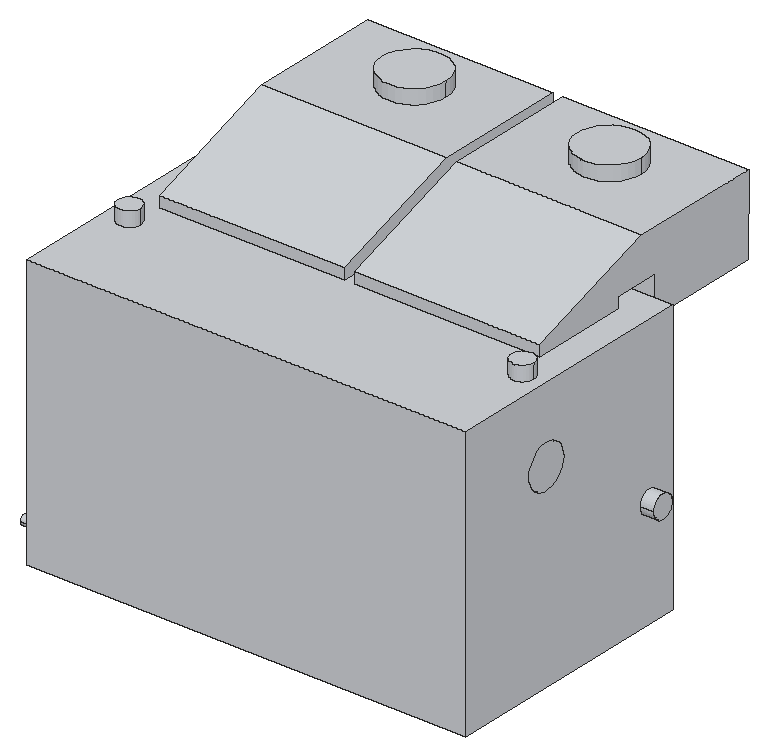
Revit family "M_Caldeira a gás - Ferro fundido - 183-238 kW", category Equipamento mecânico, Revit 2019
Family settings
  Cota do conector redondo = Usar raio
  Tipo de parte = Normal
  Número OmniClass = 23.75.10.11.14.11
  Título OmniClass = Cast-Iron Boilers
  ID de item do Seek = Gas Fired Boiler - Cast Iron - 183-238 kW-0000-CAN-ENU
  Com base no plano de trabalho = Não
  Sempre na vertical = Sim
  Corte com vazios quando carregada = Não
  Compartilhado = Não
  Ponto de cálculo do ambiente = Não
Parameters (values of type "183 kW")
  Fluxo da água [instance] = 0.5 L/s
  Raio da ventilação 2 = 112.5 mm
  Raio da ventilação 1 = 112.5 mm
  Comprimento da ventilação 2 = 430 mm
  Comprimento da ventilação 1 = 690 mm
  Diâmetro da ventilação 1 = Raio da ventilação 1 * 2  # 225 mm
  Diâmetro da ventilação 2 = Raio da ventilação 2 * 2  # 225 mm
  Aumento de temperatura [instance] = 15.56 °C
  Comprimento de fornecimento 1 = 1390 mm
  Queda de pressão da água [instance] = 259000.0 Pa
  Calor de saída [instance] = 183000 W
  Calor de entrada [instance] = 229000 W
  Raio do gás = 16 mm
  Fluxo de gás [instance] = 0.06 L/s
  Diâmetro do gás = Raio do gás * 2  # 32 mm
  Raio da água quente = 40 mm
  Diâmetro da água quente = Raio da água quente * 2  # 80 mm
  Fluxo do ar de exaustão [instance] = 0.0 L/s
  Raio da água gelada = 40 mm
  Diâmetro da água gelada = Raio da água gelada * 2  # 80 mm
  Comprimento do exaustor 2 = 655 mm
  Comprimento do exaustor 1 = 655 mm
  Material do boiler = none
  Comprimento da caldeira = 1550 mm
  BHP [instance] = 18.41
Types (5, lengths in mm): name | Fluxo da água | Raio da ventilação 2 | Raio da ventilação 1 | Comprimento da ventilação 2 | Comprimento da ventilação 1 | Diâmetro da ventilação 1 | Diâmetro da ventilação 2 | Comprimento de fornecimento 1 | Queda de pressão da água | Calor de saída | Calor de entrada | Comprimento do exaustor 2 | Comprimento do exaustor 1 | Comprimento da caldeira | BHP
  (no name) | 0.5 L/s | 112.5 | 112.5 | 430 | 690 | 225 | 225 | 1390 | 259000.0 Pa | 183000 W | 229000 W | 655 | 655 | 1550 | 18.41
  183 kW | 0.5 L/s | 112.5 | 112.5 | 430 | 690 | 225 | 225 | 1390 | 259000.0 Pa | 183000 W | 229000 W | 655 | 655 | 1550 | 18.41
  201 kW | 0.53 L/s | 125 | 112.5 | 500 | 760 | 225 | 250 | 1530 | 283000.0 Pa | 201000 W | 251000 W | 790 | 655 | 1690 | 20.25
  219 kW | 0.53 L/s | 125 | 125 | 500 | 830 | 250 | 250 | 1660 | 283000.0 Pa | 219000 W | 274000 W | 790 | 655 | 1830 | 22.09
  238 kW | 0.58 L/s | 150 | 125 | 570 | 900 | 250 | 300 | 1800 | 328000.0 Pa | 238000 W | 297000 W | 930 | 790 | 1970 | 23.93
Reference planes
  plane 1 "Centro (Frente/Trás)": y = 0
  plane 2: z = 0
  plane 3 "Centro (Esquerda/Direita)": x = 0
  plane 4: x = 1550
  plane 5: y = 914.4
  plane 6: z = 965.2
  plane 7: z = 101.6
  plane 8: y = 50.8
  plane 9: x = -50.8
  plane 10: y = 808.037
  plane 11: z = 390.525
  plane 12: x = 82.55
  plane 13: y = 349.25
  plane 14: z = 1016
  plane 15: x = 1472.55
  plane 16: x = 1120
  plane 17: x = 792.5
  plane 18: x = 1447.5
  plane 19: z = 698.5
  plane 20: y = 355.6
  plane 21: y = 1376.362
  plane 22: z = 868.363
  plane 23: z = 1154.113
  plane 24: y = 965.2
  plane 25: y = 798.512
  plane 26: y = 457.2
  plane 27: z = 1003.3
  plane 28: y = 908.05
  plane 29: y = 1173.162
  plane 30: z = 1204.913
  plane 31: x = 1600.8
  plane 32: x = 430
  plane 33: x = 102.5
  plane 34: x = 757.5
Forms (mm)
  Extrusion 1, solid, material <- "Material do boiler"
    sketch origin (0, 0, 0) x (1, 0, 0) y (0, 1, 0)
      loop
        line (0, 914.4) -> (0, 0) -> (1550, 0) -> (1550, 914.4) -> (0, 914.4)
    from 0 to 965.2
  Extrusion 2, solid, material <- "Material do boiler"
    sketch origin (0, 0, 0) x (0, 1, 0) y (0, 0, 1)
      loop
        circle (50.8, 101.6) r 16
    from 0 to -50.8
  Extrusion 3, solid, material <- "Material do boiler"
    sketch origin (0, 0, 0) x (0, 1, 0) y (0, 0, 1)
      loop
        circle (808.037, 390.525) r 40
    from 0 to -50.8
  Extrusion 4, solid, material <- "Material do boiler"
    sketch origin (0, 0, 0) x (1, 0, 0) y (0, 1, 0)
      loop
        circle (82.55, 349.25) r 40
    from 965.2 to 1016
  Extrusion 5, solid, material <- "Material do boiler"
    sketch origin (0, 0, 0) x (1, 0, 0) y (0, 1, 0)
      loop
        circle (1472.55, 349.25) r 40
    from 965.2 to 1016
  Extrusion 6, solid, material <- "Material do boiler"
    sketch origin (0, 0, 0) x (0, 1, 0) y (0, 0, 1)
      loop
        circle (355.6, 698.5) r 76.2
    from 0 to 1120
  Extrusion 7, solid, material <- "Material do boiler", detail levels fine
    sketch origin (0, 0, 0) x (0, 1, 0) y (0, 0, 1)
      loop
        line (457.2, 965.2) -> (798.512, 965.2) -> (798.512, 1003.3) -> (965.2, 1003.3) -> (965.2, 868.363) -> (1376.362, 868.363) -> (1376.362, 1154.113) -> (908.05, 1154.113) -> (457.2, 1003.3) -> (457.2, 965.2)
    from 792.5 to 1447.5
  Extrusion 8, solid, material <- "Material do boiler"
    sketch origin (0, 0, 0) x (1, 0, 0) y (0, 1, 0)
      loop
        circle (1120, 1173.162) r 112.5
    from 1154.113 to 1204.913
  Extrusion 9, solid, material <- "Material do boiler"
    sketch origin (863.6, 0, 0) x (0, 1, 0) y (0, 0, -1)
      loop
        circle (808.037, -390.525) r 40
    from -686.4 to -737.2
  Extrusion 10, solid, material <- "Material do boiler"
    sketch origin (1136.65, 0, 0) x (0, 1, 0) y (0, 0, -1)
      loop
        circle (355.6, -698.5) r 76.2
    from -413.35 to 16.65
  Extrusion 11, solid, material <- "Material do boiler", detail levels coarse+medium
    sketch origin (0, 0, 0) x (1, 0, 0) y (0, 1, 0)
      loop
        line (102.5, 1376.362) -> (102.5, 914.4) -> (1447.5, 914.4) -> (1447.5, 1376.362) -> (102.5, 1376.362)
    from 868.363 to 1154.112
  Extrusion 12, solid, material <- "Material do boiler", detail levels fine
    sketch origin (1512.59, 0, 0) x (0, 1, 0) y (0, 0, -1)
      loop
        line (457.2, -965.2) -> (457.2, -1003.3) -> (908.05, -1154.113) -> (1376.362, -1154.113) -> (1376.362, -868.363) -> (965.2, -868.363) -> (965.2, -1003.3) -> (798.512, -1003.3) -> (798.512, -965.2) -> (457.2, -965.2)
    from 755.09 to 1410.09
  Extrusion 13, solid, material <- "Material do boiler"
    sketch origin (1586.21, 0, 0) x (-1, 0, 0) y (0, -1, 0)
      loop
        circle (1156.21, -1173.162) r 112.5
    from 1154.113 to 1204.913
  Extrusion 14, solid, material <- "Material do boiler", detail levels coarse+medium
    sketch origin (0, 1465.263, 101.6) x (0, 1, 0) y (-1, 0, 0)
      loop
        line (-550.863, -102.5) -> (-1008.063, -102.5) -> (-1008.063, -1447.5) -> (-550.863, -1447.5) -> (-550.863, -102.5)
    from 863.6 to 1052.513
  Extrusion 15, solid, material <- "Material do boiler", detail levels fine
    sketch origin (0, 0, 0) x (0, 1, 0) y (0, 0, 1)
      loop
        circle (808.037, 390.525) r 40
      loop
        circle (50.8, 101.6) r 16
    from 0 to -50.8
  Extrusion 16, solid, material <- "Material do boiler", detail levels fine
    sketch origin (0, 0, 0) x (0, 1, 0) y (0, 0, 1)
      loop
        circle (808.037, 390.525) r 40
    from 1550 to 1600.8
Cuts and joins
  joined: Extrusion 11, Extrusion 14
  joined: Extrusion 1, Extrusion 4, Extrusion 5, Extrusion 8, Extrusion 13
  joined: Extrusion 2, Extrusion 3, Extrusion 9
  joined: Extrusion 7, Extrusion 12
Lines and regions (mm)
  model lines, detail levels coarse+medium
    curve 1: line (0, 50.8, 101.6) -> (-50.8, 50.8, 101.6)
    curve 2: line (0, 808.037, 390.525) -> (-50.8, 808.037, 390.525)
    curve 3: line (1600.8, 808.037, 390.525) -> (1550, 808.037, 390.525)
  model lines, detail levels coarse
    curve 4: line (1120, 1173.162, 1154.112) -> (1120, 1173.162, 1204.912)
    curve 5: line (430, 1173.162, 1154.112) -> (430, 1173.162, 1204.912)
  symbolic lines, detail levels fine
    curve 6: line (0, 846.137, 101.6) -> (-50.8, 846.137, 101.6)
    curve 7: line (-50.8, 846.137, 101.6) -> (-50.8, 769.937, 101.6)
    curve 8: line (-50.8, 769.937, 101.6) -> (0, 769.937, 101.6)
    curve 9: line (1550, 846.137, 101.6) -> (1600.8, 846.137, 101.6)
    curve 10: line (1550, 769.937, 101.6) -> (1600.8, 769.937, 101.6)
    curve 11: line (1600.8, 769.937, 101.6) -> (1600.8, 846.137, 101.6)
    curve 12: line (0, 66.675, 101.6) -> (-50.8, 66.675, 101.6)
    curve 13: line (-50.8, 34.925, 101.6) -> (0, 34.925, 101.6)
    curve 14: line (-50.8, 66.675, 101.6) -> (-50.8, 34.925, 101.6)
Dimensions and locks
  locked: plane 6 to plane 2 at 965.2
  locked: plane 5 to plane 1 "Centro (Frente/Trás)" at 914.4
  "Comprimento da caldeira": plane 4 to plane 3 "Centro (Esquerda/Direita)"
  locked: plane 7 to plane 2 at 101.6
  locked: plane 8 to plane 1 "Centro (Frente/Trás)" at 50.8
  locked: plane 3 "Centro (Esquerda/Direita)" to plane 9 at 50.8
  locked: plane 5 to plane 10 at 106.363
  locked: plane 11 to plane 2 at 390.525
  locked: plane 12 to plane 3 "Centro (Esquerda/Direita)" at 82.55
  locked: plane 13 to plane 1 "Centro (Frente/Trás)" at 349.25
  locked: plane 14 to plane 6 at 50.8
  "Comprimento de fornecimento 1": plane 15 to plane 12
  "Comprimento da ventilação 2": plane 4 to plane 16
  "Comprimento do exaustor 2": plane 18 to plane 17
  equal spacing: plane 18, plane 16, plane 17
  locked: plane 19 to plane 2 at 698.5
  locked: plane 20 to plane 1 "Centro (Frente/Trás)" at 355.6
  locked: plane 21 to plane 1 "Centro (Frente/Trás)" at 1376.363
  locked: plane 22 to plane 2 at 868.362
  locked: plane 23 to plane 22 at 285.75
  locked: plane 21 to plane 24 at 411.162
  locked: plane 24 to plane 25 at 166.688
  locked: plane 25 to plane 26 at 341.312
  locked: plane 27 to plane 6 at 38.1
  locked: plane 28 to plane 26 at 450.85
  locked: plane 29 to plane 1 "Centro (Frente/Trás)" at 1173.162
  locked: plane 30 to plane 23 at 50.8
  locked: plane 31 to plane 4 at 50.8
  "Comprimento da ventilação 1": plane 16 to plane 32
  "Comprimento do exaustor 1": plane 34 to plane 33
  equal spacing: plane 34, plane 32, plane 33
  "Raio do gás": radius of Extrusion 2 sketch curve
  "Raio da água gelada": radius of Extrusion 3 sketch curve
  "Raio da água quente": radius of Extrusion 4 sketch curve
  "Raio da água quente": radius of Extrusion 5 sketch curve
  radius of Extrusion 6 sketch curve = 76.2 mm
  "Raio da ventilação 2": radius of Extrusion 8 sketch curve
  "Raio da água gelada": radius of Extrusion 9 sketch curve
  radius of Extrusion 10 sketch curve = 76.2 mm
  "Raio da ventilação 1": radius of Extrusion 13 sketch curve
  "Raio da água gelada": radius of Extrusion 15 sketch curve
  "Raio do gás": radius of Extrusion 15 sketch curve
  "Raio da água gelada": radius of Extrusion 16 sketch curve
  aligned and locked: Extrusion 1 to plane 5
  aligned and locked: plane 1 "Centro (Frente/Trás)" to Extrusion 1
  aligned and locked: Extrusion 1 to plane 3 "Centro (Esquerda/Direita)"
  aligned and locked: plane 4 to Extrusion 1
  aligned and locked: plane 6 to Extrusion 1
  aligned and locked: Extrusion 1 to plane 2
  aligned and locked: plane 8 to Extrusion 2 sketch curve
  aligned and locked: plane 7 to Extrusion 2 sketch curve
  aligned and locked: Extrusion 2 to plane 9
  aligned and locked: plane 3 "Centro (Esquerda/Direita)" to Extrusion 2
  aligned and locked: plane 10 to Extrusion 3 sketch curve
  aligned and locked: plane 11 to Extrusion 3 sketch curve
  aligned and locked: Extrusion 3 to plane 9
  aligned and locked: plane 3 "Centro (Esquerda/Direita)" to Extrusion 3
  aligned and locked: plane 13 to Extrusion 4 sketch curve
  aligned and locked: plane 12 to Extrusion 4 sketch curve
  aligned and locked: plane 14 to Extrusion 4
  aligned and locked: Extrusion 4 to plane 6
  aligned and locked: plane 15 to Extrusion 5 sketch curve
  aligned and locked: plane 13 to Extrusion 5 sketch curve
  aligned and locked: plane 14 to Extrusion 5
  aligned and locked: Extrusion 5 to plane 6
  aligned and locked: plane 20 to Extrusion 6 sketch curve
  aligned and locked: plane 19 to Extrusion 6 sketch curve
  aligned and locked: Extrusion 6 to plane 3 "Centro (Esquerda/Direita)"
  aligned and locked: plane 16 to Extrusion 6
  aligned and locked: plane 23 to Extrusion 7
  aligned and locked: Extrusion 7 to plane 21
  aligned and locked: Extrusion 7 to plane 22
  aligned and locked: plane 24 to Extrusion 7
  aligned and locked: Extrusion 7 to plane 27
  aligned and locked: Extrusion 7 to plane 25
  aligned and locked: Extrusion 7 to plane 6
  aligned and locked: plane 26 to Extrusion 7
  aligned and locked: plane 18 to Extrusion 7
  aligned and locked: Extrusion 7 to plane 17
  aligned and locked: plane 16 to Extrusion 8 sketch curve
  aligned and locked: plane 29 to Extrusion 8 sketch curve
  aligned and locked: plane 23 to Extrusion 8
  aligned and locked: plane 30 to Extrusion 8
  aligned and locked: plane 31 to Extrusion 9
  aligned and locked: Extrusion 9 to plane 4
  aligned and locked: plane 10 to Extrusion 9 sketch curve
  aligned and locked: plane 11 to Extrusion 9 sketch curve
  aligned and locked: Extrusion 10 to plane 16
  aligned and locked: plane 4 to Extrusion 10
  aligned and locked: plane 20 to Extrusion 10 sketch curve
  aligned and locked: plane 19 to Extrusion 10 sketch curve
  aligned and locked: plane 21 to Extrusion 11 sketch curve
  aligned and locked: plane 23 to Extrusion 11
  aligned and locked: plane 3 "Centro (Esquerda/Direita)" to curve 1
  aligned and locked: plane 9 to curve 1
  aligned and locked: plane 7 to curve 1
  aligned and locked: plane 3 "Centro (Esquerda/Direita)" to curve 2
  aligned and locked: plane 9 to curve 2
  aligned and locked: curve 2 to plane 10
  aligned and locked: plane 4 to curve 3
  aligned and locked: plane 31 to curve 3
  aligned and locked: curve 3 to plane 10
  aligned and locked: plane 30 to curve 4
  aligned and locked: plane 16 to curve 4
  aligned and locked: plane 34 to Extrusion 12
  aligned and locked: Extrusion 12 to plane 33
  aligned and locked: plane 23 to Extrusion 12
  aligned and locked: Extrusion 12 to plane 22  (x2)
  aligned and locked: plane 32 to Extrusion 13 sketch curve
  aligned and locked: plane 29 to Extrusion 13 sketch curve
  aligned and locked: Extrusion 13 to plane 23
  aligned and locked: plane 30 to Extrusion 13
  aligned and locked: Extrusion 11 to plane 23
  aligned and locked: plane 24 to Extrusion 12
  aligned and locked: Extrusion 12 to plane 27
  aligned and locked: Extrusion 12 to plane 25
  aligned and locked: plane 26 to Extrusion 12
  aligned and locked: plane 23 to curve 5
  aligned and locked: plane 30 to curve 5
  aligned and locked: plane 32 to curve 5
  aligned and locked: Extrusion 11 sketch curve to plane 5
  aligned and locked: plane 33 to Extrusion 11 sketch curve
  aligned and locked: Extrusion 11 sketch curve to plane 18
  aligned and locked: Extrusion 11 to plane 22
  aligned and locked: Extrusion 11 to Extrusion 14 sketch curve
  aligned and locked: Extrusion 14 sketch curve to Extrusion 11
  aligned and locked: Extrusion 14 sketch curve to Extrusion 7  (x2)
  aligned and locked: plane 23 to Extrusion 14
  aligned and locked: Extrusion 14 to plane 6
  aligned and locked: cut or joined group of Extrusion 2, Extrusion 3, Extrusion 9 to curve 6
  aligned and locked: curve 6 to cut or joined group of Extrusion 2, Extrusion 3, Extrusion 9
  aligned and locked: cut or joined group of Extrusion 2, Extrusion 3, Extrusion 9 to curve 8
  aligned and locked: curve 9 to cut or joined group of Extrusion 2, Extrusion 3, Extrusion 9
  aligned and locked: cut or joined group of Extrusion 2, Extrusion 3, Extrusion 9 to curve 9
  aligned and locked: curve 10 to cut or joined group of Extrusion 2, Extrusion 3, Extrusion 9
  aligned and locked: cut or joined group of Extrusion 2, Extrusion 3, Extrusion 9 to curve 10
  aligned and locked: cut or joined group of Extrusion 2, Extrusion 3, Extrusion 9 to curve 12
  aligned and locked: curve 12 to cut or joined group of Extrusion 2, Extrusion 3, Extrusion 9
  aligned and locked: curve 13 to cut or joined group of Extrusion 2, Extrusion 3, Extrusion 9
  aligned and locked: cut or joined group of Extrusion 2, Extrusion 3, Extrusion 9 to curve 13
  aligned and locked: plane 10 to Extrusion 15 sketch curve
  aligned and locked: plane 11 to Extrusion 15 sketch curve
  aligned and locked: plane 8 to Extrusion 15 sketch curve
  aligned and locked: plane 7 to Extrusion 15 sketch curve
  aligned and locked: plane 10 to Extrusion 16 sketch curve
  aligned and locked: plane 11 to Extrusion 16 sketch curve
  aligned and locked: plane 31 to Extrusion 16
  aligned and locked: Extrusion 16 to plane 4
  aligned and locked: Extrusion 15 to plane 3 "Centro (Esquerda/Direita)"
  aligned and locked: Extrusion 15 to plane 9
Automatic sketch dimensions
  Extrusion 1 sketch curve to plane 1 "Centro (Frente/Trás)" = 0 mm
  Extrusion 1 sketch curve to plane 3 "Centro (Esquerda/Direita)" = 0 mm
  Extrusion 1 sketch curve to plane 4 = 0 mm
  Extrusion 1 sketch curve to plane 5 = 0 mm
  Extrusion 7 sketch curve to plane 6 = 0 mm
  Extrusion 7 sketch curve to plane 26 = 0 mm
  Extrusion 7 sketch curve to plane 25 = 0 mm
  Extrusion 7 sketch curve to plane 23 = 0 mm
  Extrusion 7 sketch curve to plane 28 = 0 mm
  Extrusion 7 sketch curve to plane 22 = 0 mm
  Extrusion 7 sketch curve to plane 24 = 0 mm
  Extrusion 7 sketch curve to plane 21 = 0 mm
  Extrusion 7 sketch curve to plane 27 = 0 mm  (x2)
  curve 2 to plane 3 "Centro (Esquerda/Direita)" = 0 mm
  curve 2 to plane 9 = 0 mm
  Extrusion 12 sketch curve to plane 6 = 0 mm
  Extrusion 12 sketch curve to plane 26 = 0 mm
  Extrusion 12 sketch curve to plane 25 = 0 mm
  Extrusion 12 sketch curve to plane 23 = 0 mm
  Extrusion 12 sketch curve to plane 28 = 0 mm
  Extrusion 12 sketch curve to plane 22 = 0 mm
  Extrusion 12 sketch curve to plane 24 = 0 mm
  Extrusion 12 sketch curve to plane 21 = 0 mm
  Extrusion 12 sketch curve to plane 27 = 0 mm  (x2)
  curve 4 to plane 23 = 0 mm
  plane 8 to curve 14 = 15.875 mm
  curve 12 to plane 8 = 15.875 mm
  plane 25 to curve 8 = 28.575 mm
  plane 25 to curve 10 = 28.575 mm
  curve 9 to plane 10 = 38.1 mm
  curve 7 to plane 10 = 38.1 mm
Connectors
  piping at (82.55, 349.25, 1016), diameter 80, driven by "Fluxo da água", driven by "Queda de pressão da água", driven by "Raio da água quente"
    settings: on Extrusion 4, index 1, connector inside diameter 80 mm, connector length 0 mm, flow factor 0, pipe flow 0.5 L/s, pressure drop 259000.0 Pa, fitting loss kfactor 0, connector angle 0.00°, fixture units 0, engagement length 0 mm, angle of deflection 0.00°, flow configuration 0, flow direction 2, fitting loss method 4, system type 7, joint type 0, gender type 0, connector reference index -1, connector utility 0, adjustable connector no, is connector primary yes, connector description "Saída de água quente"
  piping at (1472.55, 349.25, 1016), diameter 80, driven by "Fluxo da água", driven by "Queda de pressão da água", driven by "Raio da água quente"
    settings: on Extrusion 5, index 2, connector inside diameter 80 mm, connector length 0 mm, flow factor 0, pipe flow 0.5 L/s, pressure drop 259000.0 Pa, fitting loss kfactor 0, connector angle 0.00°, fixture units 0, engagement length 0 mm, angle of deflection 0.00°, flow configuration 0, flow direction 2, fitting loss method 4, system type 7, joint type 0, gender type 0, connector reference index -1, connector utility 0, adjustable connector no, is connector primary no, connector description "Saída de água quente"
  piping at (1600.8, 808.037, 390.525), diameter 80, driven by "Raio da água gelada", driven by "Fluxo da água"
    settings: on Extrusion 9, index 3, connector inside diameter 80 mm, connector length 0 mm, flow factor 0, pipe flow 0.5 L/s, pressure drop 258553.4 Pa, fitting loss kfactor 0, connector angle 0.00°, fixture units 0, engagement length 0 mm, angle of deflection 0.00°, flow configuration 0, flow direction 1, fitting loss method 0, system type 8, joint type 0, gender type 0, connector reference index -1, connector utility 0, adjustable connector no, is connector primary no, connector description "Entrada de água gelada"
  piping at (-50.8, 808.037, 390.525), diameter 80, driven by "Fluxo da água", driven by "Raio da água gelada"
    settings: on Extrusion 3, index 4, connector inside diameter 80 mm, connector length 0 mm, flow factor 0, pipe flow 0.5 L/s, pressure drop 258553.4 Pa, fitting loss kfactor 0, connector angle 0.00°, fixture units 0, engagement length 0 mm, angle of deflection 0.00°, flow configuration 0, flow direction 1, fitting loss method 0, system type 8, joint type 0, gender type 0, connector reference index -1, connector utility 0, adjustable connector no, is connector primary no, connector description "Entrada de água gelada"
  piping at (-50.8, 50.8, 101.6), diameter 32, driven by "Fluxo de gás", driven by "Raio do gás"
    settings: on Extrusion 2, index 5, connector inside diameter 32 mm, connector length 0 mm, flow factor 0, pipe flow 0.06 L/s, pressure drop 0.0 Pa, fitting loss kfactor 0, connector angle 0.00°, fixture units 0, engagement length 0 mm, angle of deflection 0.00°, flow configuration 1, flow direction 1, fitting loss method 0, system type 22, joint type 0, gender type 0, connector reference index -1, connector utility 0, adjustable connector no, is connector primary no, connector description "Entrada de gás"
  hvac at (430, 1173.162, 1204.913), driven by "Raio da ventilação 1", driven by "Fluxo do ar de exaustão"
    settings: on Extrusion 13, index 6, duct flow 0.0 L/s, flow factor 0, pres drop 0.0 Pa, loss coef 0, conn angle 0.00°, conn width 304.8 mm, conn height 304.8 mm, conn diameter 225 mm, duct sys type 3, conn prof type 0, flow config 1, flow direction 2, loss method 0, conn ref index -1, conn util no, is conn primary yes, conn desc ""
  hvac at (1120, 1173.162, 1204.913), driven by "Fluxo do ar de exaustão", driven by "Raio da ventilação 2"
    settings: on Extrusion 8, index 7, duct flow 0.0 L/s, flow factor 0, pres drop 0.0 Pa, loss coef 0, conn angle 0.00°, conn width 304.8 mm, conn height 304.8 mm, conn diameter 225 mm, duct sys type 3, conn prof type 0, flow config 1, flow direction 2, loss method 0, conn ref index -1, conn util no, is conn primary no, conn desc ""
  piping at (0, 355.6, 698.5), diameter 40
    settings: on Extrusion 6, index 8, connector inside diameter 40 mm, connector length 0 mm, flow factor 0, pipe flow 0.0 L/s, pressure drop 0.0 Pa, fitting loss kfactor 0, connector angle 0.00°, fixture units 0, engagement length 0 mm, angle of deflection 0.00°, flow configuration 1, flow direction 2, fitting loss method 0, system type 16, joint type 0, gender type 0, connector reference index -1, connector utility 0, adjustable connector yes, is connector primary no, connector description "Saída da drenagem"
  piping at (1550, 355.6, 698.5), diameter 40
    settings: on Extrusion 10, index 9, connector inside diameter 40 mm, connector length 0 mm, flow factor 0, pipe flow 0.0 L/s, pressure drop 0.0 Pa, fitting loss kfactor 0, connector angle 0.00°, fixture units 0, engagement length 0 mm, angle of deflection 0.00°, flow configuration 1, flow direction 2, fitting loss method 0, system type 16, joint type 0, gender type 0, connector reference index -1, connector utility 0, adjustable connector yes, is connector primary no, connector description "Saída da drenagem"
  electrical at (1550, 457.2, 482.6)
    settings: on Extrusion 1, index 10, voltage 0 V, apparent load 0 VA, apparent load phase1 0 VA, apparent load phase2 0 VA, apparent load phase3 0 VA, power factor 1, load classification "Outros", number of poles 1, system type 13, power factor state 1, is connector primary yes, connector utility no, sub classification motor no, connector description ""
